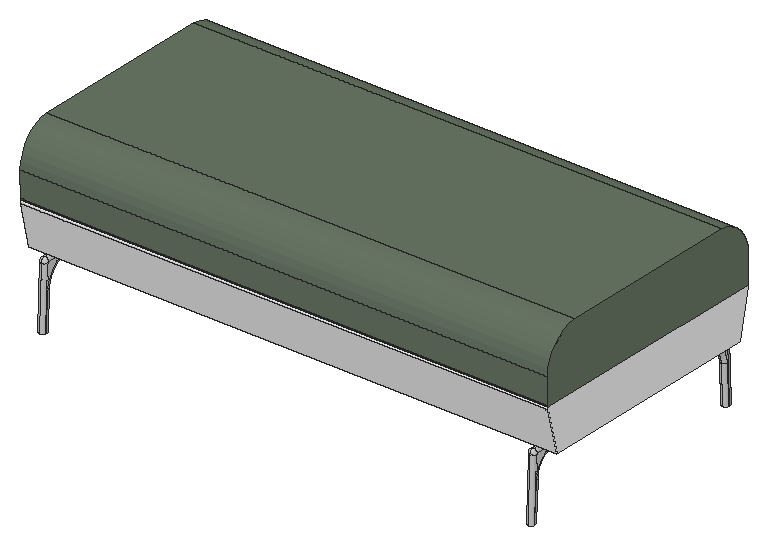
Revit family "FU_Inspec_Addit_8-2", category Furniture, Revit 2020
Family settings
  OmniClass Number = 23.40.20.00
  OmniClass Title = General Furniture and Specialties
  Work Plane-Based = No
  Always vertical = Yes
  Cut with Voids When Loaded = No
  Shared = No
  Room Calculation Point = No
Parameters (values of type "2 Colour")
  URL = "https://inspecfurniture.com/product-details/addit-8-2/"
  Seat Material = Fabric - Green
  Model = "addit 8.2"
  Manufacturer = "Inspec"  # constant formula
  Legs Material = Metal - Chrome - Polished
  Keynote = "46.B"
  Frame Material = Fabric - White
  Description = "Upholstered footstool on legs of powder coated or chromium plated cast aluminium."
  Default Elevation = 0 mm
  Content Author = "AEC AB"  # constant formula
  Assembly Code = "E2020"
Types (2, lengths in mm): name | Frame Material
  2 Colour | Fabric - White
  1 Colour | Fabric - Green
Reference planes
  plane 1 "Center (Front/Back)": y = 0
  plane 2: z = 0
  plane 3 "Center (Left/Right)": x = 0
  plane 4: y = 325
  plane 5: y = -325
  plane 6: x = -685
  plane 7: x = 685
  plane 8: x = -683
  plane 9: x = 683
  plane 10 "Seat Height": z = 470
Forms (mm)
  Sweep 1, solid, material "Fabric - White" <- "Frame Material"
    path origin (0, 0, 0) x (1, 0, 0) y (0, 1, 0)
      loop
        line (-683, 0) -> (683, 0)
    profile origin (0, 0, 0) x (0, 1, 0) y (0, 0, 1)
      loop
        arc (324.851, 284.728) -> (323.94, 289.016) -> (320, 290.937) r 5
        line (320, 290.937) -> (-320, 290.937)
        arc (-320, 290.937) -> (-323.94, 289.016) -> (-324.851, 284.728) r 5
        line (-324.851, 284.728) -> (-296.48, 170.937) -> (296.48, 170.937) -> (324.851, 284.728)
  Sweep 2, solid, material "Fabric - Green" <- "Seat Material"
    path origin (0, 0, 0) x (1, 0, 0) y (0, 1, 0)
      loop
        line (-683, 0) -> (683, 0)
    profile origin (0, 0, 0) x (0, 1, 0) y (0, 0, 1)
      loop
        arc (325, 363.203) -> (299.911, 427.526) -> (237.896, 457.875) r 95
        arc (237.896, 457.875) -> (0, 467.778) -> (-237.896, 457.875) r 2862.294
        arc (-237.896, 457.875) -> (-299.911, 427.526) -> (-325, 363.203) r 95
        line (-325, 363.203) -> (-325, 295.937)
        arc (-325, 295.937) -> (-323.536, 292.402) -> (-320, 290.937) r 5
        line (-320, 290.937) -> (320, 290.937)
        arc (320, 290.937) -> (323.536, 292.402) -> (325, 295.937) r 5
        line (325, 295.937) -> (325, 363.203)
  Extrusion 3, solid, material "Metal - Chrome - Polished" <- "Legs Material"
    sketch origin (-632.778, -45.558, 0) x (0, -1, 0) y (0, 0, -1)
      loop
        line (-369.669, 0) -> (-364.038, -161.788)
        arc (-364.038, -161.788) -> (-360.991, -168.633) -> (-354.044, -171.44) r 10
        line (-354.044, -171.44) -> (-250.011, -171.44) -> (-250.011, -158.544) -> (-301.346, -151.666)
        arc (-301.346, -151.666) -> (-332.7, -135.275) -> (-346.22, -102.58) r 51.803
        line (-346.22, -102.58) -> (-350.696, 0) -> (-369.669, 0)
    from -9.172 to 9.116
  Sweep 4, void
    path origin (-623.662, -45.558, 0) x (0, -1, 0) y (0, 0, -1)
      loop
        line (-250.011, -171.44) -> (-354.044, -171.44)
        arc (-354.044, -171.44) -> (-360.991, -168.633) -> (-364.038, -161.788) r 10
        line (-364.038, -161.788) -> (-369.669, 0)
    profile origin (-623.662, 321.296, 80.894) x (0, 0.999395, 0.034788) y (1, 0, 0)
      loop
        line (0, 0) -> (-9, 0)
        arc (-9, 0) -> (-2.636, -2.636) -> (0, -9) r 9
        line (0, -9) -> (0, 0)
  Sweep 5, void
    path origin (-641.95, -45.558, 0) x (0, -1, 0) y (0, 0, -1)
      loop
        line (-250.011, -171.44) -> (-354.044, -171.44)
        arc (-354.044, -171.44) -> (-360.991, -168.633) -> (-364.038, -161.788) r 10
        line (-364.038, -161.788) -> (-369.669, 0)
    profile origin (-641.95, 256.47, 171.44) x (0, 0, 1) y (1, 0, 0)
      loop
        line (0, 0) -> (0, 9)
        arc (0, 9) -> (-2.636, 2.636) -> (-9, 0) r 9
        line (-9, 0) -> (0, 0)
  Sweep 6, void
    path origin (-623.662, -45.558, 0) x (0, -1, 0) y (0, 0, -1)
      loop
        line (-241.878, -159.634) -> (-301.346, -151.666)
        arc (-301.346, -151.666) -> (-332.7, -135.275) -> (-346.22, -102.58) r 51.803
        line (-346.22, -102.58) -> (-350.797, 2.32)
    profile origin (-623.662, 226.054, 155.65) x (0, 0.132807, 0.991142) y (1, 0, 0)
      loop
        line (0, 0) -> (0, -9)
        arc (0, -9) -> (2.636, -2.636) -> (9, 0) r 9
        line (9, 0) -> (0, 0)
  Sweep 7, void
    path origin (-641.95, -45.558, 0) x (0, -1, 0) y (0, 0, -1)
      loop
        line (-350.797, 2.32) -> (-346.22, -102.58)
        arc (-346.22, -102.58) -> (-332.7, -135.275) -> (-301.346, -151.666) r 51.803
        line (-301.346, -151.666) -> (-246.833, -158.97)
    profile origin (-641.95, 228.532, 155.318) x (0, -0.132807, -0.991142) y (1, 0, 0)
      loop
        line (0, 0) -> (0, 9)
        arc (0, 9) -> (-2.636, 2.636) -> (-9, 0) r 9
        line (-9, 0) -> (0, 0)
  Extrusion 8, solid, material "Metal - Chrome - Polished" <- "Legs Material"
    sketch origin (-632.778, 45.558, 0) x (0, 1, 0) y (0, 0, 1)
      loop
        line (-369.669, 0) -> (-350.696, 0) -> (-346.22, 102.58)
        arc (-346.22, 102.58) -> (-332.7, 135.275) -> (-301.346, 151.666) r 51.803
        line (-301.346, 151.666) -> (-250.011, 158.544) -> (-250.011, 171.44) -> (-354.044, 171.44)
        arc (-354.044, 171.44) -> (-360.991, 168.633) -> (-364.038, 161.788) r 10
        line (-364.038, 161.788) -> (-369.669, 0)
    from -9.172 to 9.116
  Sweep 9, void
    path origin (-623.662, 45.558, 0) x (0, 1, 0) y (0, 0, 1)
      loop
        line (-250.011, 171.44) -> (-354.044, 171.44)
        arc (-354.044, 171.44) -> (-360.991, 168.633) -> (-364.038, 161.788) r 10
        line (-364.038, 161.788) -> (-369.669, 0)
    profile origin (-623.662, -321.296, 80.894) x (0, 0.999395, -0.034788) y (1, 0, 0)
      loop
        line (0, 0) -> (0, -9)
        arc (0, -9) -> (2.636, -2.636) -> (9, 0) r 9
        line (9, 0) -> (0, 0)
  Sweep 10, void
    path origin (-641.95, 45.558, 0) x (0, 1, 0) y (0, 0, 1)
      loop
        line (-250.011, 171.44) -> (-354.044, 171.44)
        arc (-354.044, 171.44) -> (-360.991, 168.633) -> (-364.038, 161.788) r 10
        line (-364.038, 161.788) -> (-369.669, 0)
    profile origin (-641.95, -256.47, 171.44) x (0, 0, -1) y (1, 0, 0)
      loop
        line (0, 0) -> (9, 0)
        arc (9, 0) -> (2.636, 2.636) -> (0, 9) r 9
        line (0, 9) -> (0, 0)
  Sweep 11, void
    path origin (-623.662, 45.558, 0) x (0, 1, 0) y (0, 0, 1)
      loop
        line (-241.878, 159.634) -> (-301.346, 151.666)
        arc (-301.346, 151.666) -> (-332.7, 135.275) -> (-346.22, 102.58) r 51.803
        line (-346.22, 102.58) -> (-350.797, -2.32)
    profile origin (-623.662, -226.054, 155.65) x (0, 0.132807, -0.991142) y (1, 0, 0)
      loop
        line (0, 0) -> (-9, 0)
        arc (-9, 0) -> (-2.636, -2.636) -> (0, -9) r 9
        line (0, -9) -> (0, 0)
  Sweep 12, void
    path origin (-641.95, 45.558, 0) x (0, 1, 0) y (0, 0, 1)
      loop
        line (-350.797, -2.32) -> (-346.22, 102.58)
        arc (-346.22, 102.58) -> (-332.7, 135.275) -> (-301.346, 151.666) r 51.803
        line (-301.346, 151.666) -> (-246.833, 158.97)
    profile origin (-641.95, -228.532, 155.318) x (0, -0.132807, 0.991142) y (1, 0, 0)
      loop
        line (0, 0) -> (9, 0)
        arc (9, 0) -> (2.636, 2.636) -> (0, 9) r 9
        line (0, 9) -> (0, 0)
  Extrusion 13, solid, material "Metal - Chrome - Polished" <- "Legs Material"
    sketch origin (632.778, -45.558, 0) x (0, -1, 0) y (0, 0, 1)
      loop
        line (-369.669, 0) -> (-350.696, 0) -> (-346.22, 102.58)
        arc (-346.22, 102.58) -> (-332.7, 135.275) -> (-301.346, 151.666) r 51.803
        line (-301.346, 151.666) -> (-250.011, 158.544) -> (-250.011, 171.44) -> (-354.044, 171.44)
        arc (-354.044, 171.44) -> (-360.991, 168.633) -> (-364.038, 161.788) r 10
        line (-364.038, 161.788) -> (-369.669, 0)
    from -9.172 to 9.116
  Sweep 14, void
    path origin (623.662, -45.558, 0) x (0, -1, 0) y (0, 0, 1)
      loop
        line (-250.011, 171.44) -> (-354.044, 171.44)
        arc (-354.044, 171.44) -> (-360.991, 168.633) -> (-364.038, 161.788) r 10
        line (-364.038, 161.788) -> (-369.669, 0)
    profile origin (623.662, 321.296, 80.894) x (0, -0.999395, -0.034788) y (-1, 0, 0)
      loop
        line (0, 0) -> (0, -9)
        arc (0, -9) -> (2.636, -2.636) -> (9, 0) r 9
        line (9, 0) -> (0, 0)
  Sweep 15, void
    path origin (641.95, -45.558, 0) x (0, -1, 0) y (0, 0, 1)
      loop
        line (-250.011, 171.44) -> (-354.044, 171.44)
        arc (-354.044, 171.44) -> (-360.991, 168.633) -> (-364.038, 161.788) r 10
        line (-364.038, 161.788) -> (-369.669, 0)
    profile origin (641.95, 256.47, 171.44) x (0, 0, -1) y (-1, 0, 0)
      loop
        line (0, 0) -> (9, 0)
        arc (9, 0) -> (2.636, 2.636) -> (0, 9) r 9
        line (0, 9) -> (0, 0)
  Sweep 16, void
    path origin (623.662, -45.558, 0) x (0, -1, 0) y (0, 0, 1)
      loop
        line (-241.878, 159.634) -> (-301.346, 151.666)
        arc (-301.346, 151.666) -> (-332.7, 135.275) -> (-346.22, 102.58) r 51.803
        line (-346.22, 102.58) -> (-350.797, -2.32)
    profile origin (623.662, 226.054, 155.65) x (0, -0.132807, -0.991142) y (-1, 0, 0)
      loop
        line (0, 0) -> (-9, 0)
        arc (-9, 0) -> (-2.636, -2.636) -> (0, -9) r 9
        line (0, -9) -> (0, 0)
  Sweep 17, void
    path origin (641.95, -45.558, 0) x (0, -1, 0) y (0, 0, 1)
      loop
        line (-350.797, -2.32) -> (-346.22, 102.58)
        arc (-346.22, 102.58) -> (-332.7, 135.275) -> (-301.346, 151.666) r 51.803
        line (-301.346, 151.666) -> (-246.833, 158.97)
    profile origin (641.95, 228.532, 155.318) x (0, 0.132807, 0.991142) y (-1, 0, 0)
      loop
        line (0, 0) -> (9, 0)
        arc (9, 0) -> (2.636, 2.636) -> (0, 9) r 9
        line (0, 9) -> (0, 0)
  Extrusion 18, solid, material "Metal - Chrome - Polished" <- "Legs Material"
    sketch origin (632.778, 45.558, 0) x (0, 1, 0) y (0, 0, -1)
      loop
        line (-369.669, 0) -> (-364.038, -161.788)
        arc (-364.038, -161.788) -> (-360.991, -168.633) -> (-354.044, -171.44) r 10
        line (-354.044, -171.44) -> (-250.011, -171.44) -> (-250.011, -158.544) -> (-301.346, -151.666)
        arc (-301.346, -151.666) -> (-332.7, -135.275) -> (-346.22, -102.58) r 51.803
        line (-346.22, -102.58) -> (-350.696, 0) -> (-369.669, 0)
    from -9.172 to 9.116
  Sweep 19, void
    path origin (623.662, 45.558, 0) x (0, 1, 0) y (0, 0, -1)
      loop
        line (-250.011, -171.44) -> (-354.044, -171.44)
        arc (-354.044, -171.44) -> (-360.991, -168.633) -> (-364.038, -161.788) r 10
        line (-364.038, -161.788) -> (-369.669, 0)
    profile origin (623.662, -321.296, 80.894) x (0, -0.999395, 0.034788) y (-1, 0, 0)
      loop
        line (0, 0) -> (-9, 0)
        arc (-9, 0) -> (-2.636, -2.636) -> (0, -9) r 9
        line (0, -9) -> (0, 0)
  Sweep 20, void
    path origin (641.95, 45.558, 0) x (0, 1, 0) y (0, 0, -1)
      loop
        line (-250.011, -171.44) -> (-354.044, -171.44)
        arc (-354.044, -171.44) -> (-360.991, -168.633) -> (-364.038, -161.788) r 10
        line (-364.038, -161.788) -> (-369.669, 0)
    profile origin (641.95, -256.47, 171.44) x (0, 0, 1) y (-1, 0, 0)
      loop
        line (0, 0) -> (0, 9)
        arc (0, 9) -> (-2.636, 2.636) -> (-9, 0) r 9
        line (-9, 0) -> (0, 0)
  Sweep 21, void
    path origin (623.662, 45.558, 0) x (0, 1, 0) y (0, 0, -1)
      loop
        line (-241.878, -159.634) -> (-301.346, -151.666)
        arc (-301.346, -151.666) -> (-332.7, -135.275) -> (-346.22, -102.58) r 51.803
        line (-346.22, -102.58) -> (-350.797, 2.32)
    profile origin (623.662, -226.054, 155.65) x (0, -0.132807, 0.991142) y (-1, 0, 0)
      loop
        line (0, 0) -> (0, -9)
        arc (0, -9) -> (2.636, -2.636) -> (9, 0) r 9
        line (9, 0) -> (0, 0)
  Sweep 22, void
    path origin (641.95, 45.558, 0) x (0, 1, 0) y (0, 0, -1)
      loop
        line (-350.797, 2.32) -> (-346.22, -102.58)
        arc (-346.22, -102.58) -> (-332.7, -135.275) -> (-301.346, -151.666) r 51.803
        line (-301.346, -151.666) -> (-246.833, -158.97)
    profile origin (641.95, -228.532, 155.318) x (0, 0.132807, -0.991142) y (-1, 0, 0)
      loop
        line (0, 0) -> (0, 9)
        arc (0, 9) -> (-2.636, 2.636) -> (-9, 0) r 9
        line (-9, 0) -> (0, 0)
Cuts and joins
  Sweep 9, Sweep 10, Sweep 11, Sweep 12 cuts Extrusion 8
  Sweep 19, Sweep 20, Sweep 21, Sweep 22 cuts Extrusion 18
  Sweep 14, Sweep 15, Sweep 16, Sweep 17 cuts Extrusion 13
  Sweep 4, Sweep 5, Sweep 6, Sweep 7 cuts Extrusion 3
Lines and regions (mm)
  Masking region 1
    outline origin (0, 0, 470) x (0, 1, 0) y (-1, 0, 0)
      loop
        line (325, 685) -> (-325, 685) -> (-325, -685) -> (325, -685) -> (325, 685)
Dimensions and locks
  plane 6 to plane 7 = 1370 mm
  plane 4 to plane 5 = 650 mm
  aligned and locked: level to plane 2
